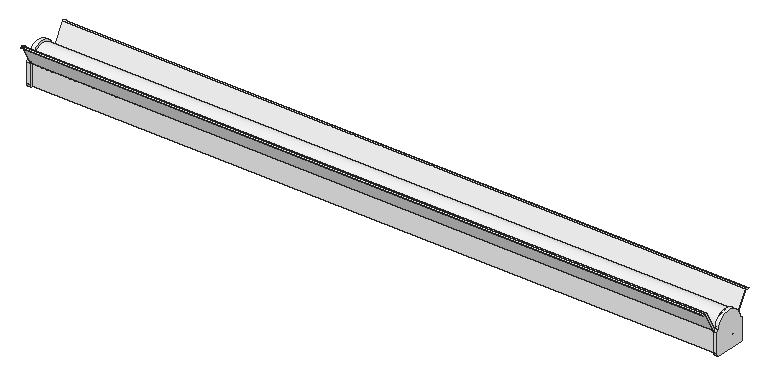
Revit family "0045181+0045235 Feilo Sylvania Lighting Fixture SYLBATTEN LED8 WW TP3 with SYMMETRIC REFLECTOR ACCESSORY 1500MM", category Lighting Fixtures, host Face, Revit 2017
Family settings
  Host = Face
  Round Connector Dimension = Use Diameter
  Part Type = Normal
  OmniClass Number = 23.80.70.00
  OmniClass Title = Lighting
  Cut with Voids When Loaded = No
  Light Source = Yes
  Shared = No
  Room Calculation Point = No
Parameters (values of type "0045181 SYLBATTEN LED8 WW TP3")
  Width_FEILO = 66 mm
  Weight = "3.112 kg"
  Wattage Comments = "n/a"
  Wattage = 79 W
  WarrantyStartDate [instance] = "n/a"
  WarrantyGuarantorParts = "n/a"
  WarrantyDurationUnit = "n/a"
  WarrantyDurationParts = "n/a"
  WarrantyDescription = "n/a"
  built-in parameter 1150110 = 1 (stored number, unit not read)
  Voltage = 230 V
  URL = "http://www.sylvania-lighting.com"
  TypeName = "SYLBATTEN LED8 WW TP3"
  Type Image = <None>
  Type Comments = "n/a"
  built-in parameter 1114217 = 1 (stored number, unit not read)
  Tilt Angle = -90.00°
  built-in parameter 1150109 = 1 (stored number, unit not read)
  built-in parameter 1150134 = (empty or 0)
  SymReflector_FEILO = yes
  built-in parameter 1150113 = 1 (stored number, unit not read)
  SerialNumber [instance] = "n/a"
  PowerFactor = 0
  PowerConsumption = "79 W"
  Photometric Web File = "0045181+0045235.ies"
  NominalLength = 1505 mm
  NominalHeight = 91 mm
  NominalDepth = 122 mm
  Name = "SYLBATTEN LED8 WW TP3"
  ModelReference = Name  # "SYLBATTEN LED8 WW TP3"
  ModelNumber = "0045181"
  Model = Name  # "SYLBATTEN LED8 WW TP3"
  Material_4_FEILO = Reflector-Sylvania-Sylbatten-White
  Material_3_FEILO = Diffuser-Sylvania-Sylbatten-Glow
  Material_2_FEILO = Body-Sylvania-Sylbatten-White
  Material_1_FEILO = Body-Sylvania-Sylbatten-White
  Material = "sheet steel housing, polycarbonate diffuser"
  ManufacturerName = "Feilo Sylvania"
  Manufacturer = "Feilo Sylvania"
  LuminousEfficacy = "91.89 lm/W"
  built-in parameter 1150105 = 577.68 (stored number, unit not read)
  Lumens = 7259.31 lm
  LuminaireType = ""
  built-in parameter 1150115 = 1 (stored number, unit not read)
  LightOutputRatio = "100"
  built-in parameter 1150137 = (empty or 0)
  built-in parameter 1150139 = (empty or 0)
  Length_FEILO = 1505 mm
  LampsType = Lamp  # "LED"
  LampNominalLuminous = "7260 lm"
  LampMacAdamStep = "n/a"
  LampColourTemperature = "3000 K"
  LampColourRenderingIndex = "80"
  built-in parameter 1150112 = 1 (stored number, unit not read)
  built-in parameter 1150114 = 1 (stored number, unit not read)
  Lamp = "LED"
  Keynote = "16500"
  InstallationDate [instance] = "n/a"
  InputVoltage = "220-240V~"
  InputNominalFrequency = "n/a"
  built-in parameter 1150132 = (empty or 0)
  built-in parameter 1150102 = (empty or 0)
  built-in parameter 1150107 = 3000 (stored number, unit not read)
  built-in parameter 1150138 = (empty or 0)
  IngressProtection = "IP20"
  ImpactProtectionIndex = "IK07"
  built-in parameter 1150106 = 5.7768 (stored number, unit not read)
  IfcExportType = "IfcLightFixtureType"
  IfcExportAs = "IfcLightFixtureType"
  Height_FEILO = 76 mm
  ExpectedLife = 50000
  Emit from Rectangle Width = Length_FEILO - 16 mm  # 1489 mm
  Emit from Rectangle Length = Width_FEILO - 40 mm  # 26 mm
  Emit Shape Visible in Rendering = no
  ElectricShockClassification = "Class I"
  built-in parameter 1150104 = 8.5369 (stored number, unit not read)
  DurationUnit = "hours"
  DocumentationLiterature = "http://www.sylvania-lighting.com/product/en-int/products/0045181"
  DimmingControlOptions = "n/a"
  Dimming Lamp Color Temperature Shift = <None>
  Description = "LED batten, T8 replacement, ease of installation through 2 part push-in design of the housing (safety cable included), through wiring capability (TP3 = 3 core), sheet steel, 7260M, 79W, 92lm/W, 3000K, drive current: 450mA, CRI 80, 138° wide beam angle, electronic driver (non dimmable), IP20, IK07, 50,000 hrs (L70), (LxWxH) 1505x66x76mm, 5 step MacAdam ellipse, 3.7kg, white RAL 9016, Class 1, 220-240V, energy class: A++, A+, A."
  Default Elevation = 1219.2 mm
  CreatedOn = "1/25/2018"
  CreatedBy = ""
  Cost = 0
  Color Filter = 16777215
  built-in parameter 1114216 [instance] = (empty or 0)
  ClassificationValue = "EF_70_80"
  ClassificationName = "Uniclass2015"
  CapOffset_FEILO = 2 mm
  BarCode [instance] = "n/a"
  built-in parameter 1114218 = 1 (stored number, unit not read)
  BackReflector_FEILO = and(not(AsymReflector_FEILO), SymReflector_FEILO)  # yes
  built-in parameter 1150133 = 10 (stored number, unit not read)
  FrontReflector_FEILO = or(AsymReflector_FEILO, SymReflector_FEILO)  # yes
  AsymReflector_FEILO = no
  AssetType = "Fixed"
  AssetIdentifier [instance] = "n/a"
  Assembly Code = "D5020200"
  Apparent Load = 79 VA
Reference planes
  plane 1 "Center (Front/Back)": y = 0
  plane 2: z = 0
  plane 3 "Center (Left/Right)": x = 0
  plane 4: x = 752.5
  plane 5: x = -752.5
  plane 6: y = 33
  plane 7: y = -33
  plane 8: z = 76
  plane 9: z = 47
  plane 10: y = -29
  plane 11: y = 29
  plane 12: z = 20
  plane 13: z = 74
  plane 14: y = -31
  plane 15: y = -27
  plane 16: y = 27
  plane 17: y = 31
  plane 18: z = 2
  plane 19: x = -744.5
  plane 20: x = 744.5
  plane 21: z = 49
  plane 22: y = 1
  plane 23: y = -1
  plane 24: z = 21
  plane 25: z = 19
  plane 26: y = -61
  plane 27: y = 61
  plane 28: y = -56
  plane 29: y = 56
  plane 30: z = 91
  plane 31: z = 88
Forms (mm)
  Extrusion 1, solid, material "Body-Sylvania-Sylbatten-White" <- "Material_2_FEILO"
    sketch origin (0, 0, 0) x (0, 1, 0) y (0, 0, 1)
      loop
        line (-31, 2) -> (31, 2) -> (31, 45)
        arc (31, 45) -> (30.414, 46.414) -> (29, 47) r 2
        line (29, 47) -> (27, 47)
        arc (27, 47) -> (0, 74) -> (-27, 47) r 27
        line (-27, 47) -> (-29, 47)
        arc (-29, 47) -> (-30.414, 46.414) -> (-31, 45) r 2
        line (-31, 45) -> (-31, 2)
    from -744.5 to 744.5
  Extrusion 2, solid, material "Body-Sylvania-Sylbatten-White" <- "Material_2_FEILO"
    sketch origin (752.5, 1524, 1219.2) x (0, 1, 0) y (0, 0, 1)
      loop
        arc (-1494, -1219.2) -> (-1491.879, -1218.321) -> (-1491, -1216.2) r 3
        line (-1491, -1216.2) -> (-1491, -1173.2)
        arc (-1491, -1173.2) -> (-1491.879, -1171.079) -> (-1494, -1170.2) r 3
        line (-1494, -1170.2) -> (-1495.069, -1170.2)
        arc (-1495.069, -1170.2) -> (-1524, -1143.2) -> (-1552.931, -1170.2) r 29
        line (-1552.931, -1170.2) -> (-1554, -1170.2)
        arc (-1554, -1170.2) -> (-1556.121, -1171.079) -> (-1557, -1173.2) r 3
        line (-1557, -1173.2) -> (-1557, -1216.2)
        arc (-1557, -1216.2) -> (-1556.121, -1218.321) -> (-1554, -1219.2) r 3
        line (-1554, -1219.2) -> (-1494, -1219.2)
      loop
        arc (-1525, -1189.25) -> (-1531.071, -1192.129) -> (-1533.95, -1198.2) r 10
        line (-1533.95, -1198.2) -> (-1532.944, -1198.2)
        arc (-1532.944, -1198.2) -> (-1530.364, -1192.836) -> (-1525, -1190.256) r 9
        line (-1525, -1190.256) -> (-1525, -1189.25)
      loop
        arc (-1523, -1190.256) -> (-1517.636, -1192.836) -> (-1515.056, -1198.2) r 9
        line (-1515.056, -1198.2) -> (-1514.05, -1198.2)
        arc (-1514.05, -1198.2) -> (-1516.929, -1192.129) -> (-1523, -1189.25) r 10
        line (-1523, -1189.25) -> (-1523, -1190.256)
      loop
        line (-1532.944, -1200.2) -> (-1533.95, -1200.2)
        arc (-1533.95, -1200.2) -> (-1531.071, -1206.271) -> (-1525, -1209.15) r 10
        line (-1525, -1209.15) -> (-1525, -1208.144)
        arc (-1525, -1208.144) -> (-1530.364, -1205.564) -> (-1532.944, -1200.2) r 9
      loop
        arc (-1515.056, -1200.2) -> (-1517.636, -1205.564) -> (-1523, -1208.144) r 9
        line (-1523, -1208.144) -> (-1523, -1209.15)
        arc (-1523, -1209.15) -> (-1516.929, -1206.271) -> (-1514.05, -1200.2) r 10
        line (-1514.05, -1200.2) -> (-1515.056, -1200.2)
    from 0 to -8
  Extrusion 3, solid, material "Body-Sylvania-Sylbatten-White" <- "Material_2_FEILO"
    sketch origin (-752.5, 1524, 1219.2) x (0, 1, 0) y (0, 0, 1)
      loop
        arc (-1495.069, -1170.2) -> (-1524, -1143.2) -> (-1552.931, -1170.2) r 29
        line (-1552.931, -1170.2) -> (-1554, -1170.2)
        arc (-1554, -1170.2) -> (-1556.121, -1171.079) -> (-1557, -1173.2) r 3
        line (-1557, -1173.2) -> (-1557, -1216.2)
        arc (-1557, -1216.2) -> (-1556.121, -1218.321) -> (-1554, -1219.2) r 3
        line (-1554, -1219.2) -> (-1494, -1219.2)
        arc (-1494, -1219.2) -> (-1491.879, -1218.321) -> (-1491, -1216.2) r 3
        line (-1491, -1216.2) -> (-1491, -1173.2)
        arc (-1491, -1173.2) -> (-1491.879, -1171.079) -> (-1494, -1170.2) r 3
        line (-1494, -1170.2) -> (-1495.069, -1170.2)
      loop
        line (-1533.95, -1198.2) -> (-1532.944, -1198.2)
        arc (-1532.944, -1198.2) -> (-1530.364, -1192.836) -> (-1525, -1190.256) r 9
        line (-1525, -1190.256) -> (-1525, -1189.25)
        arc (-1525, -1189.25) -> (-1531.071, -1192.129) -> (-1533.95, -1198.2) r 10
      loop
        line (-1523, -1189.25) -> (-1523, -1190.256)
        arc (-1523, -1190.256) -> (-1517.636, -1192.836) -> (-1515.056, -1198.2) r 9
        line (-1515.056, -1198.2) -> (-1514.05, -1198.2)
        arc (-1514.05, -1198.2) -> (-1516.929, -1192.129) -> (-1523, -1189.25) r 10
      loop
        line (-1514.05, -1200.2) -> (-1515.056, -1200.2)
        arc (-1515.056, -1200.2) -> (-1517.636, -1205.564) -> (-1523, -1208.144) r 9
        line (-1523, -1208.144) -> (-1523, -1209.15)
        arc (-1523, -1209.15) -> (-1516.929, -1206.271) -> (-1514.05, -1200.2) r 10
      loop
        line (-1525, -1209.15) -> (-1525, -1208.144)
        arc (-1525, -1208.144) -> (-1530.364, -1205.564) -> (-1532.944, -1200.2) r 9
        line (-1532.944, -1200.2) -> (-1533.95, -1200.2)
        arc (-1533.95, -1200.2) -> (-1531.071, -1206.271) -> (-1525, -1209.15) r 10
    from 0 to 8
  Extrusion 4, solid, material "Reflector-Sylvania-Sylbatten-White" <- "Material_4_FEILO", visible <- "FrontReflector_FEILO"
    sketch origin (0, 0, 0) x (0, 1, 0) y (0, 0, 1)
      loop
        line (-61.257, 88.429) -> (-60.743, 87.571) -> (-56.621, 90.044)
        arc (-56.621, 90.044) -> (-56.237, 90.099) -> (-55.929, 89.863) r 0.5
        line (-55.929, 89.863) -> (-31.435, 46.753) -> (-30.565, 47.247) -> (-55.312, 90.802)
        arc (-55.312, 90.802) -> (-55.928, 91.275) -> (-56.696, 91.165) r 1
        line (-56.696, 91.165) -> (-61.257, 88.429)
    from -744.5 to 744.5
  Extrusion 5, solid, material "Reflector-Sylvania-Sylbatten-White" <- "Material_4_FEILO", visible <- "BackReflector_FEILO"
    sketch origin (0, 0, 0) x (0, 1, 0) y (0, 0, 1)
      loop
        line (30.565, 47.247) -> (31.435, 46.753) -> (55.932, 89.868)
        arc (55.932, 89.868) -> (56.245, 90.112) -> (56.638, 90.062) r 0.518
        line (56.638, 90.062) -> (61.033, 87.565) -> (61.527, 88.435) -> (56.682, 91.188)
        arc (56.682, 91.188) -> (55.922, 91.282) -> (55.318, 90.812) r 1
        line (55.318, 90.812) -> (30.565, 47.247)
    from -744.5 to 744.5
Lines and regions (mm)
  reference lines
    curve 1: line (0, -61, 88) -> (0, -56, 91)
    curve 2: line (0, -56, 91) -> (0, -31, 47)
    curve 3: line (0, 31, 47) -> (0, 56, 91)
    curve 4: line (0, 56, 91) -> (0, 61.28, 88)
Dimensions and locks
  equal spacing: plane 5, plane 3 "Center (Left/Right)", plane 4
  equal spacing: plane 7, plane 1 "Center (Front/Back)", plane 6
  "Width_FEILO": plane 7 to plane 6
  "Length_FEILO": plane 5 to plane 4
  "Height_FEILO": plane 8 to plane 2
  locked: plane 9 to plane 8 at 29
  equal spacing: plane 10, plane 1 "Center (Front/Back)", plane 11
  locked: plane 7 to plane 10 at 4
  locked: plane 12 to plane 2 at 20
  "CapOffset_FEILO": plane 13 to plane 8
  "CapOffset_FEILO": plane 7 to plane 14
  "CapOffset_FEILO": plane 10 to plane 15
  "CapOffset_FEILO": plane 17 to plane 6
  "CapOffset_FEILO": plane 16 to plane 11
  "CapOffset_FEILO": plane 18 to plane 2
  locked: plane 14 to Extrusion 1 sketch curve at 2
  locked: Extrusion 1 sketch curve to plane 9 at 2  (x2)
  locked: plane 16 to Extrusion 1 sketch curve at 2
  equal spacing: plane 19, plane 3 "Center (Left/Right)", plane 20
  locked: plane 5 to plane 19 at 8
  "CapOffset_FEILO": plane 9 to plane 21
  locked: Extrusion 2 sketch curve to plane 2 at 47
  locked: Extrusion 1 sketch curve to plane 2 at 47
  locked: Extrusion 2 sketch curve to plane 2 at 3  (x2)
  locked: plane 7 to Extrusion 2 sketch curve at 3  (x2)
  locked: Extrusion 2 sketch curve to plane 6 at 3  (x2)
  locked: Extrusion 2 sketch curve to plane 21 at 3  (x2)
  equal spacing: plane 23, plane 1 "Center (Front/Back)", plane 22
  equal spacing: plane 25, plane 12, plane 24
  plane 30 to plane 31 to plane 2 = 3 mm locked, 88 mm locked
  plane 28 to plane 29 = 112 mm
  plane 26 to plane 27 = 122 mm
  aligned and locked: plane 2 to host face
  aligned and locked: level to host face
  aligned and locked: plane 18 to Extrusion 1 sketch curve
  aligned and locked: plane 14 to Extrusion 1 sketch curve
  aligned and locked: Extrusion 1 sketch curve to plane 9  (x2)
  aligned and locked: Extrusion 1 sketch curve to plane 17
  aligned and locked: plane 15 to Extrusion 1 sketch curve
  aligned and locked: plane 16 to Extrusion 1 sketch curve
  aligned and locked: plane 9 to Extrusion 1 sketch curve
  aligned and locked: plane 20 to Extrusion 1
  aligned and locked: level to Extrusion 2 sketch curve
  aligned and locked: Extrusion 2 sketch curve to plane 7
  aligned and locked: plane 21 to Extrusion 2 sketch curve
  aligned and locked: Extrusion 2 sketch curve to plane 21
  aligned and locked: plane 1 "Center (Front/Back)" to Extrusion 2 sketch curve  (x3)
  aligned and locked: Extrusion 2 to Extrusion 1
  aligned and locked: plane 4 to Extrusion 2
  aligned and locked: plane 12 to Extrusion 2 sketch curve  (x2)
  aligned and locked: Extrusion 2 sketch curve to plane 22
  aligned and locked: Extrusion 2 sketch curve to plane 23
  aligned and locked: Extrusion 2 sketch curve to plane 24
  aligned and locked: Extrusion 2 sketch curve to plane 25
  aligned and locked: plane 25 to Extrusion 2 sketch curve
  aligned and locked: plane 22 to Extrusion 2 sketch curve
  aligned and locked: plane 24 to Extrusion 2 sketch curve
  aligned and locked: plane 23 to Extrusion 2 sketch curve  (x2)
  aligned and locked: Extrusion 3 sketch curve to Extrusion 2  (x22)
  aligned and locked: Extrusion 3 to Extrusion 1
  aligned and locked: Extrusion 3 to plane 5
  aligned and locked: plane 19 to Extrusion 3
  aligned and locked: plane 31 to curve 1
  aligned and locked: plane 30 to curve 1
  aligned and locked: plane 14 to curve 2
  aligned and locked: plane 9 to curve 2
  aligned and locked: plane 17 to curve 3
  aligned and locked: plane 30 to curve 3
  aligned and locked: plane 31 to curve 4
  aligned and locked: Extrusion 4 sketch curve to curve 2
  aligned and locked: Extrusion 4 sketch curve to curve 1
  aligned and locked: Extrusion 4 to Extrusion 1
  aligned and locked: Extrusion 1 to Extrusion 4
  aligned and locked: imposter light to plane 1 "Center (Front/Back)"
  aligned and locked: imposter light to plane 3 "Center (Left/Right)"
  aligned and locked: imposter light to plane 13
  aligned and locked: Extrusion 5 sketch curve to curve 4
  aligned and locked: Extrusion 5 sketch curve to curve 3
  aligned and locked: Extrusion 1 to Extrusion 5
  aligned and locked: Extrusion 5 to Extrusion 1
Automatic sketch dimensions
  host sketch curve to host sketch curve = 2438.4 mm  (x2)
  Extrusion 2 sketch curve to Extrusion 2 sketch curve = 0 mm  (x14)
  Extrusion 2 sketch curve to plane 10 = 0.069 mm
  plane 23 to Extrusion 2 sketch curve = 8.95 mm
  Extrusion 2 sketch curve to Extrusion 2 sketch curve = 1.006 mm  (x4)
  Extrusion 2 sketch curve to plane 22 = 7.944 mm
  curve 1 to plane 26 = 0 mm
  curve 2 to plane 28 = 0 mm
  curve 4 to plane 29 = 0 mm
  plane 9 to curve 3 = 0 mm
  plane 26 to Extrusion 4 sketch curve = 0.257 mm
  Extrusion 4 sketch curve to plane 26 = 0.257 mm
  Extrusion 4 sketch curve to plane 30 = 0.165 mm
  plane 28 to Extrusion 4 sketch curve = 0.696 mm
  plane 28 to Extrusion 4 sketch curve = 0.621 mm
  plane 28 to Extrusion 4 sketch curve = 0.364 mm
  plane 28 to Extrusion 4 sketch curve = 0.182 mm
  Extrusion 4 sketch curve to plane 28 = 0.071 mm
  plane 30 to Extrusion 4 sketch curve = 0.198 mm
  Extrusion 4 sketch curve to plane 28 = 0.688 mm
  plane 9 to Extrusion 4 sketch curve = 0.247 mm
  plane 1 "Center (Front/Back)" to Extrusion 4 sketch curve = 31.435 mm
  Extrusion 5 sketch curve to plane 9 = 0.247 mm
  Extrusion 5 sketch curve to plane 1 "Center (Front/Back)" = 30.565 mm
  plane 9 to Extrusion 5 sketch curve = 0.247 mm
  plane 30 to Extrusion 5 sketch curve = 0.188 mm
  plane 29 to Extrusion 5 sketch curve = 0.068 mm
  Extrusion 5 sketch curve to plane 29 = 0.188 mm
  Extrusion 5 sketch curve to plane 29 = 0.382 mm
  Extrusion 5 sketch curve to Extrusion 5 sketch curve = 0.256 mm
  Extrusion 5 sketch curve to plane 30 = 0.188 mm
  Extrusion 5 sketch curve to plane 29 = 0.682 mm
  Extrusion 5 sketch curve to plane 27 = 0.033 mm
  Extrusion 5 sketch curve to plane 27 = 0.527 mm
Connectors
  electrical at (0, 0, 0), driven by "Apparent Load", driven by "PowerFactor", driven by "Voltage"
    settings: index 1, voltage 230 V, apparent load 79 VA, apparent load phase1 0 VA, apparent load phase2 0 VA, apparent load phase3 0 VA, power factor 0, load classification "Lighting", number of poles 1, system type 30, power factor state 1, is connector primary yes, connector utility no, sub classification motor no, connector description ""
